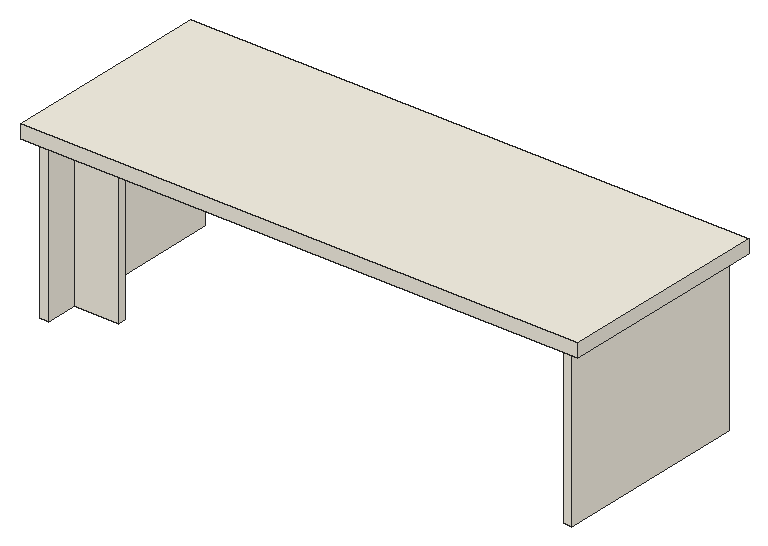
Revit family
Parameters (values of type "Kit G 12" x 42"")
  Warranty = "www.haworth.com/en-us/Products/Pages/Certifications.aspx"
  URL - Product = "www.haworth.com/en-us/Spaces/2011-NeoCon/New-Products/Pages/Beside-Storage.aspx"
  Sustainability Info = "www.haworth.com/en-us/About-Us/Sustainability/Pages/Vision.aspx"
  Support Panel Finish [instance] = Haworth - Laminate - White Sand H-LC
  Panel Right [instance] = or(Actual Back Panel Right, Front Panel Right, and(Both Back Panels, not(or(Kit P, Kit M, Kit N))))  # yes
  Panel Left [instance] = or(Actual Back Panel Left, Front Panel Left, and(Both Back Panels, not(or(Kit P, Kit M, Kit N))))  # yes
  LEED Data = "www2.haworth.com/Promo/Reside-Beside-Belong/LEED-Beside.pdf"
  Kit Q = no
  Kit P Inline = no
  Kit P = no
  Kit N = no
  Kit M = no
  Kit H = no
  Kit G = yes
  Hutch Shelf Finish [instance] = Haworth - Laminate - White Sand H-LC
  Front Panel Right [instance] = and(or(Kit G, Kit H, Kit Q, Kit P), not(Actual Back Panel Right))  # no
  Front Panel Left [instance] = and(or(Kit G, Kit H, Kit Q, Kit P), not(Actual Back Panel Left))  # yes
  Edge Finish [instance] = Haworth - Laminate - White Sand H-LC
  Custom Size [instance] = not(and(or(Width = 24", Width = 30", Width = 36", Width = 42", Width = 48", Width = 60", Width = 72"), or(Height = 10", Height = 11 1/4", Height = 12", Height = 14 1/2", Height = 16", Height = 18")))  # no
  Both Back Panels [instance] = no
  Back Panel Width Right [instance] = if(or(Kit G, Kit H), 3 3/8", if(or(Kit M, Kit P), (Actual Width / 2) - Hutch Shelf Overlap - Stanchion Thickness, (Actual Width / 2) - (Stanchion Thickness / 2) - Stanchion Thickness - Hutch Shelf Overlap))  # 3 3/8"
  Back Panel Width Left [instance] = if(or(Kit G, Kit H), 3 3/8", if(or(Kit M, Kit P), (Actual Width / 2) - Hutch Shelf Overlap - Stanchion Thickness, (Actual Width / 2) - (Stanchion Thickness / 2) - Stanchion Thickness - Hutch Shelf Overlap))  # 3 3/8"
  Back Panel Right [instance] = not(Back Panel Left)  # yes
  Panel Offset Right [instance] = if(Front Panel Right, 11 3/4", 2 3/8")  # 2 3/8"
  Panel Offset Left [instance] = if(Front Panel Left, 11 3/4", 2 3/8")  # 11 3/4"
  Width = 42"
  Stanchion Thickness = 5/8"  # constant formula
  Middle Support Depth = 10"  # constant formula
  Middle Support = or(Kit H, Kit N, Kit Q)  # no
  Hutch Shelf Overlap = 1"  # constant formula
  Model = "Beside"
  Height = 12"
  Description = "Beside Storage Stanchion Kit"  # constant formula
  Back Panel Left [instance] = no
  Assembly Code = "E2020200"
  URL = "www.haworth.com"
  Size = "Verify Final Dim. w/ Haworth"  # constant formula
  Revision Number = "2"  # constant formula
  Mounting Offset [instance] = 17"
  Min. Width = if(or(Kit H, Kit N, Kit Q), 48", 24")  # 24"
  Max. Width = if(or(Kit G, Kit M, Kit P Inline), 42", 72")  # 42"
  Manufacturer = "Haworth"  # constant formula
  Author = "SHAPE Environments, LLC"  # constant formula
  Actual Width = if(Width > Max. Width, Max. Width, if(Width < Min. Width, Min. Width, Width))  # 42"
  Actual Height = if(Height > Max. Height, Max. Height, if(Height < Min. Height, Min. Height, Height))  # 12"
  Actual Depth = 16"  # constant formula
  Standard Widths [instance] = if(Kit G, "24, 30, 36, 42 in.", if(Kit H, "48, 54, 60, 66, 72 in.", if(Kit M, "24, 30, 36, 42 in.", if(Kit N, " 48, 54, 60, 66, 72 in.", if(Kit Q, "48, 54, 60, 66, 72 in.", "24, 3, 36, 42, 48, 54, 60, 66, 72 in.")))))  # "24, 30, 36, 42 in."
  Standard Height [instance] = "10, 11.25, 12, 14.5, 16, 18 in."  # constant formula
  Min. Height = 10"  # constant formula
  Max. Height = 18"  # constant formula
  Actual Back Panel Right [instance] = or(and(Both Back Panels, or(Kit Q, Kit G, Kit H, Kit P Inline)), and(Back Panel Right))  # yes
  Actual Back Panel Left [instance] = or(and(Both Back Panels, or(Kit Q, Kit G, Kit H, Kit P Inline)), and(Back Panel Left))  # no
Reference planes (in)
  plane 1 "Back": y = 0
  plane 2: z = 0
  plane 3 "Center L/R": x = 6.375
  plane 4 "Bottom": z = 17
  plane 5 "left": x = -14.625
  plane 6 "right": x = 27.375
  plane 7 "Front": y = -16
  plane 8 "Inside Right": x = 25.75
  plane 9 "Inside Left": x = -13
  plane 10 "Center F/B": y = -8
  plane 11 "Stanchion Top": z = 29
  plane 12 "Outside Left": x = -13.625
  plane 13 "Outside Right": x = 26.375
  plane 14 "Vertical Panel Front": y = -15.375
  plane 15 "Vertical Panel Back": y = -0.625
  plane 16 "Middle Stanchion Front": y = -13
  plane 17 "Middle Stanchion Back": y = -3
  plane 18 "Center Panel Left": x = 6.0625
  plane 19 "Center Panel Right": x = 6.6875
  plane 20 "Left Panel Front": y = -13
  plane 21 "Right Panel Front": y = -3.625
  plane 22 "Left Panel Back": y = -12.375
  plane 23 "Right Panel Back": y = -3
Forms (in)
  Extrusion 1, solid, material "Haworth - Laminate - White Sand H-LC" <- "Support Panel Finish"
    sketch origin (0, 0, 0) x (1, 0, 0) y (0, 0, 1)
      loop
        line (-13.625, 29) -> (-13.625, 17) -> (-13, 17) -> (-13, 29) -> (-13.625, 29)
    from 0.625 to 15.375
  Extrusion 2, solid, material "Haworth - Laminate - White Sand H-LC" <- "Support Panel Finish"
    sketch origin (12.75, 0, 0) x (-1, 0, 0) y (0, 0, -1)
      loop
        line (-13.625, -29) -> (-13, -29) -> (-13, -17) -> (-13.625, -17) -> (-13.625, -29)
    from 0.625 to 15.375
  Extrusion 3, solid, material "Haworth - Laminate - White Sand H-LC" <- "Support Panel Finish", visible <- "Middle Support"
    sketch origin (0, 0, 0) x (1, 0, 0) y (0, 0, 1)
      loop
        line (6.0625, 29) -> (6.0625, 17) -> (6.6875, 17) -> (6.6875, 29) -> (6.0625, 29)
    from 3 to 13
  Extrusion 4, solid, material "Haworth - Laminate - White Sand H-LC" <- "Support Panel Finish", visible <- "Panel Left"
    sketch origin (0, 0, 0) x (1, 0, 0) y (0, 1, 0)
      loop
        line (-13, -12.375) -> (-13, -13) -> (-9.625, -13) -> (-9.625, -12.375) -> (-13, -12.375)
    from 17 to 29
  Extrusion 5, solid, material "Haworth - Laminate - White Sand H-LC" <- "Support Panel Finish", visible <- "Panel Right"
    sketch origin (0, 0, 0) x (1, 0, 0) y (0, 1, 0)
      loop
        line (25.75, -3) -> (22.375, -3) -> (22.375, -3.625) -> (25.75, -3.625) -> (25.75, -3)
    from 17 to 29
Lines and regions (in)
  Masking region 1
    outline origin (0, 0, 0) x (1, 0, 0) y (0, 1, 0)
      loop
        line (-14.625, 0) -> (-14.625, -16) -> (27.375, -16) -> (27.375, 0) -> (-14.625, 0)
  symbolic lines, style "Haworth Hidden", detail levels fine
    curve 1: line (-13.625, -0.625, 0) -> (-13, -0.625, 0)
    curve 2: line (-13.625, -15.375, 0) -> (-13.625, -0.625, 0)
    curve 3: line (-13, -15.375, 0) -> (-13.625, -15.375, 0)
    curve 4: line (-13, -0.625, 0) -> (-13, -15.375, 0)
    curve 17: line (25.75, -0.625, 0) -> (26.375, -0.625, 0)
    curve 18: line (25.75, -15.375, 0) -> (25.75, -0.625, 0)
    curve 19: line (26.375, -15.375, 0) -> (25.75, -15.375, 0)
    curve 20: line (26.375, -0.625, 0) -> (26.375, -15.375, 0)
  symbolic lines, style "Haworth Hidden", visible <- "Panel Left", detail levels fine
    curve 5: line (-13, -12.375, 0) -> (-9.625, -12.375, 0)
    curve 6: line (-13, -13, 0) -> (-13, -12.375, 0)
    curve 7: line (-9.625, -13, 0) -> (-13, -13, 0)
    curve 8: line (-9.625, -12.375, 0) -> (-9.625, -13, 0)
  symbolic lines, style "Haworth Hidden", visible <- "Middle Support", detail levels fine
    curve 9: line (6.0625, -3, 0) -> (6.6875, -3, 0)
    curve 10: line (6.0625, -13, 0) -> (6.0625, -3, 0)
    curve 11: line (6.6875, -13, 0) -> (6.0625, -13, 0)
    curve 12: line (6.6875, -3, 0) -> (6.6875, -13, 0)
  symbolic lines, style "Haworth Hidden", visible <- "Panel Right", detail levels fine
    curve 13: line (22.375, -3, 0) -> (25.75, -3, 0)
    curve 14: line (22.375, -3.625, 0) -> (22.375, -3, 0)
    curve 15: line (25.75, -3.625, 0) -> (22.375, -3.625, 0)
    curve 16: line (25.75, -3, 0) -> (25.75, -3.625, 0)
Dimensions and locks (in)
  equal spacing: plane 6 "right", plane 3 "Center L/R", plane 5 "left"
  "Actual Width": plane 6 "right" to plane 5 "left"
  "Actual Depth": plane 7 "Front" to plane 1 "Back"
  "Mounting Offset": plane 4 "Bottom" to level
  equal spacing: plane 1 "Back", plane 10 "Center F/B", plane 7 "Front"
  "Actual Height": plane 11 "Stanchion Top" to plane 4 "Bottom"
  "Hutch Shelf Overlap": plane 12 "Outside Left" to plane 5 "left"
  "Hutch Shelf Overlap": plane 6 "right" to plane 13 "Outside Right"
  "Stanchion Thickness": plane 13 "Outside Right" to plane 8 "Inside Right"
  "Stanchion Thickness": plane 9 "Inside Left" to plane 12 "Outside Left"
  plane 7 "Front" to plane 14 "Vertical Panel Front" = 5/8"
  plane 15 "Vertical Panel Back" to plane 1 "Back" = 5/8"
  plane 7 "Front" to plane 16 "Middle Stanchion Front" = 3"
  "Middle Support Depth": plane 16 "Middle Stanchion Front" to plane 17 "Middle Stanchion Back"
  equal spacing: plane 19 "Center Panel Right", plane 3 "Center L/R", plane 18 "Center Panel Left"
  "Stanchion Thickness": plane 19 "Center Panel Right" to plane 18 "Center Panel Left"
  "Panel Offset Left": plane 15 "Vertical Panel Back" to plane 22 "Left Panel Back"
  "Panel Offset Right": plane 15 "Vertical Panel Back" to plane 23 "Right Panel Back"
  "Stanchion Thickness": plane 22 "Left Panel Back" to plane 20 "Left Panel Front"
  "Stanchion Thickness": plane 23 "Right Panel Back" to plane 21 "Right Panel Front"
  "Back Panel Width Right": Extrusion 5 to plane 8 "Inside Right"
  "Back Panel Width Left": plane 9 "Inside Left" to Extrusion 4
  aligned and locked: plane 12 "Outside Left" to Extrusion 1 sketch curve
  aligned and locked: Extrusion 1 sketch curve to plane 11 "Stanchion Top"
  aligned and locked: plane 4 "Bottom" to Extrusion 1 sketch curve
  aligned and locked: Extrusion 1 sketch curve to plane 9 "Inside Left"
  aligned and locked: Extrusion 1 to plane 14 "Vertical Panel Front"
  aligned and locked: plane 15 "Vertical Panel Back" to Extrusion 1
  aligned and locked: plane 13 "Outside Right" to Extrusion 2 sketch curve
  aligned and locked: Extrusion 2 sketch curve to plane 8 "Inside Right"
  aligned and locked: plane 11 "Stanchion Top" to Extrusion 2 sketch curve
  aligned and locked: Extrusion 2 sketch curve to plane 4 "Bottom"
  aligned and locked: plane 15 "Vertical Panel Back" to Extrusion 2
  aligned and locked: Extrusion 2 to plane 14 "Vertical Panel Front"
  aligned and locked: plane 18 "Center Panel Left" to Extrusion 3 sketch curve
  aligned and locked: Extrusion 3 sketch curve to plane 11 "Stanchion Top"
  aligned and locked: plane 4 "Bottom" to Extrusion 3 sketch curve
  aligned and locked: Extrusion 3 sketch curve to plane 19 "Center Panel Right"
  aligned and locked: Extrusion 3 to plane 16 "Middle Stanchion Front"
  aligned and locked: plane 17 "Middle Stanchion Back" to Extrusion 3
  aligned and locked: plane 9 "Inside Left" to Extrusion 4 sketch curve
  aligned and locked: plane 8 "Inside Right" to Extrusion 5 sketch curve
  aligned: plane 11 "Stanchion Top" to Extrusion 4
  aligned: Extrusion 4 to plane 4 "Bottom"
  aligned: plane 11 "Stanchion Top" to Extrusion 5
  aligned: Extrusion 5 to plane 4 "Bottom"
  aligned and locked: plane 3 "Center L/R" to nested 1
  aligned and locked: nested 1 to plane 10 "Center F/B"
  aligned and locked: nested 1 to plane 11 "Stanchion Top"
  aligned and locked: plane 1 "Back" to Masking region 1 sketch curve
  aligned and locked: plane 5 "left" to Masking region 1 sketch curve
  aligned and locked: plane 7 "Front" to Masking region 1 sketch curve
  aligned and locked: Masking region 1 sketch curve to plane 6 "right"
  aligned and locked: plane 21 "Right Panel Front" to Extrusion 5 sketch curve
  aligned and locked: plane 23 "Right Panel Back" to Extrusion 5 sketch curve
  aligned and locked: plane 20 "Left Panel Front" to Extrusion 4 sketch curve
  aligned and locked: Extrusion 4 sketch curve to plane 22 "Left Panel Back"
  aligned and locked: plane 11 "Stanchion Top" to Extrusion 5
  aligned and locked: plane 11 "Stanchion Top" to Extrusion 4
  aligned and locked: curve 1 to Extrusion 1
  aligned and locked: curve 4 to Extrusion 1
  aligned and locked: curve 4 to curve 5
  aligned and locked: curve 5 to Extrusion 4
  aligned and locked: Extrusion 4 to curve 8
  aligned and locked: curve 8 to Extrusion 4
  aligned and locked: plane 18 "Center Panel Left" to curve 9
  aligned and locked: curve 12 to Extrusion 3  (x2)
  aligned and locked: curve 13 to Extrusion 5  (x2)
  aligned and locked: Extrusion 5 to curve 16
  aligned and locked: curve 16 to Extrusion 5
  aligned and locked: curve 17 to Extrusion 2  (x2)
  aligned and locked: curve 20 to Extrusion 2  (x2)
  aligned and locked: curve 9 to plane 17 "Middle Stanchion Back"
  aligned and locked: Extrusion 5 to plane 4 "Bottom"
  aligned and locked: Extrusion 4 to plane 4 "Bottom"
Automatic sketch dimensions
  Extrusion 4 sketch curve to Extrusion 4 sketch curve = 3 3/8"
  Extrusion 5 sketch curve to plane 8 "Inside Right" = 3 3/8"
  curve 3 to plane 12 "Outside Left" = 0"
  curve 3 to plane 9 "Inside Left" = 0"
Nested families (in)
  nested 1: "Haworth_Beside-Storage-Hutch_Shelf" at (6.375, -8, 29), type "16" Deep"
    with Width 42", Actual Width 42"
Definition of nested family "Haworth_Beside-Storage-Hutch_Shelf"
  Parameters (values of type "16" Deep")
    Width = 72"
    Warranty = "www.haworth.com/en-us/Products/Pages/Certifications.aspx"
    URL - Product = ""
    URL = "www.haworth.com"
    Top Thickness = 1"  # constant formula
    Sustainability Info = "www.haworth.com/en-us/About-Us/Sustainability/Pages/Vision.aspx"
    Size = "Verify Final Dim. w/ Haworth"  # constant formula
    Revision Number = "1"  # constant formula
    Model = "Beside"
    Min/Max Width = "24-72 in."  # constant formula
    Min/Max Depth = "16 in."  # constant formula
    Min. Width = 24"  # constant formula
    Max. Width = 72"  # constant formula
    Min. Depth = 16"  # constant formula
    Max. Depth = 16"  # constant formula
    Manufacturer = "Haworth"  # constant formula
    LEED Data = ""
    Panel Finish = none
    Edge Finish = none
    Description = "Beside Storage Hutch Shelf"  # constant formula
    Depth = 16"
    Author = "SHAPE Environments, LLC"  # constant formula
    Assembly Code = "E2020200"
    Actual Width = if(Width > Max. Width, Max. Width, if(Width < Min. Width, Min. Width, Width))  # 72"
    Actual Depth = if(Depth > Max. Depth, Max. Depth, if(Depth < Min. Depth, Min. Depth, Depth))  # 16"
  Reference planes (in)
    plane 1 "Storage Top Center F/B": y = 0
    plane 2: z = 0
    plane 3 "Storage Top Center L/R": x = 0
    plane 4 "Left": x = -36
    plane 5 "Back": y = 8
    plane 6 "Front": y = -8
    plane 7 "Right": x = 36
    plane 8 "Top": z = 1
    plane 9 "Bottom": z = 0
  Forms (in)
    Extrusion 1, solid, material <- "Panel Finish"
      sketch origin (-36.03948, -180, 0) x (-1, 0, 0) y (0, -1, 0)
        loop
          line (-0.03948, -188) -> (-0.03948, -172) -> (-72.03948, -172) -> (-72.03948, -188) -> (-0.03948, -188)
      from 0 to 1
  Dimensions and locks (in)
    equal spacing: plane 5 "Back", plane 1 "Storage Top Center F/B", plane 6 "Front"
    "Actual Depth": plane 5 "Back" to plane 6 "Front"
    equal spacing: plane 4 "Left", plane 3 "Storage Top Center L/R", plane 7 "Right"
    "Actual Width": plane 4 "Left" to plane 7 "Right"
    "Top Thickness": plane 8 "Top" to plane 9 "Bottom"
    aligned and locked: plane 5 "Back" to Extrusion 1 sketch curve
    aligned and locked: plane 7 "Right" to Extrusion 1 sketch curve
    aligned and locked: plane 6 "Front" to Extrusion 1 sketch curve
    aligned and locked: plane 4 "Left" to Extrusion 1 sketch curve
    aligned and locked: plane 8 "Top" to Extrusion 1
    aligned and locked: Extrusion 1 to plane 5 "Back"
    aligned and locked: Extrusion 1 to plane 9 "Bottom"
